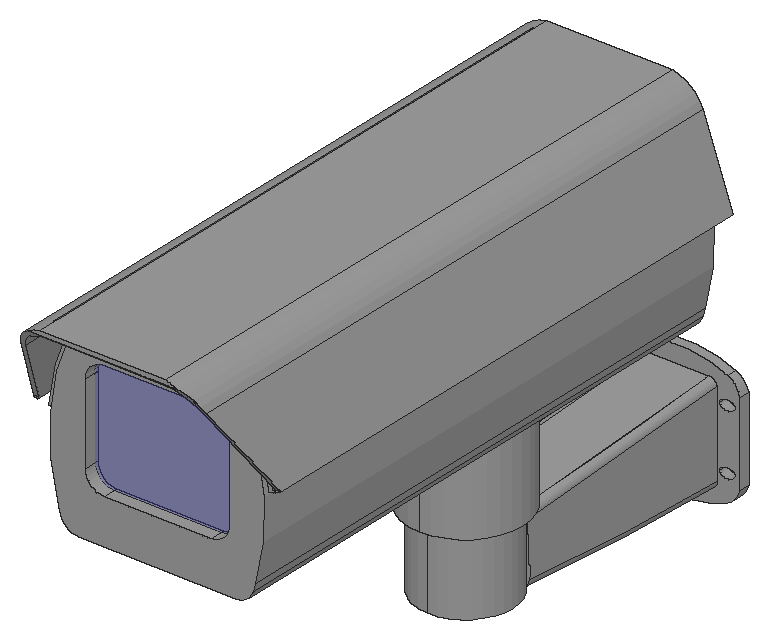
Revit family "SDP-857_RV17_LOD_400", category Электрооборудование, Revit 2017 (continued)
Definition of nested family "объектив 856_RV17_1"
  Automatic sketch dimensions
    Extrusion 19 sketch curve to Extrusion 19 sketch curve = 1.026 mm
    Extrusion 19 sketch curve to Extrusion 19 sketch curve = 8.482 mm
    Extrusion 20 sketch curve to Extrusion 20 sketch curve = 43 mm
    Extrusion 20 sketch curve to Extrusion 20 sketch curve = 44 mm
    Extrusion 20 sketch curve to Extrusion 20 sketch curve = 68.054 mm
    Extrusion 24 sketch curve to Extrusion 24 sketch curve = 11.512 mm
    Extrusion 24 sketch curve to Extrusion 24 sketch curve = 1.411 mm
    Extrusion 24 sketch curve to Extrusion 24 sketch curve = 12 mm  (x2)
    Extrusion 24 sketch curve to Extrusion 24 sketch curve = 1.459 mm
    Extrusion 25 sketch curve to Extrusion 25 sketch curve = 3.45 mm
    Extrusion 25 sketch curve to Extrusion 25 sketch curve = 3.134 mm
    Extrusion 25 sketch curve to Extrusion 25 sketch curve = 0.074 mm
    Extrusion 25 sketch curve to Extrusion 25 sketch curve = 3.079 mm
    Extrusion 25 sketch curve to Extrusion 25 sketch curve = 0.025 mm
    Extrusion 25 sketch curve to Extrusion 25 sketch curve = 3.19 mm
    Extrusion 25 sketch curve to Extrusion 25 sketch curve = 12.648 mm
    Extrusion 25 sketch curve to Extrusion 25 sketch curve = 0.023 mm
    Extrusion 25 sketch curve to Extrusion 25 sketch curve = 0.323 mm
    Extrusion 25 sketch curve to Extrusion 25 sketch curve = 12.435 mm
    Extrusion 25 sketch curve to Extrusion 25 sketch curve = 0.409 mm
    Extrusion 25 sketch curve to Extrusion 25 sketch curve = 5.397 mm
    Extrusion 25 sketch curve to Extrusion 25 sketch curve = 2.883 mm  (x2)
    Extrusion 25 sketch curve to Extrusion 25 sketch curve = 15.807 mm
    Extrusion 26 sketch curve to Extrusion 26 sketch curve = 2.29 mm  (x2)
    Extrusion 26 sketch curve to Extrusion 26 sketch curve = 2.455 mm  (x2)
    Extrusion 27 sketch curve to Extrusion 27 sketch curve = 1.846 mm
    Extrusion 26 sketch curve to Extrusion 26 sketch curve = 2.217 mm  (x2)
    Extrusion 22 sketch curve to Extrusion 22 sketch curve = 0 mm  (x2)
    Extrusion 22 sketch curve to Extrusion 22 sketch curve = 12 mm  (x3)
    Extrusion 22 sketch curve to Extrusion 22 sketch curve = 68 mm
    Extrusion 22 sketch curve to Extrusion 22 sketch curve = 50 mm
    Extrusion 22 sketch curve to Extrusion 22 sketch curve = 0.962 mm
    Extrusion 23 sketch curve to Extrusion 23 sketch curve = 12 mm  (x3)
    Extrusion 23 sketch curve to Extrusion 23 sketch curve = 68 mm
    Extrusion 23 sketch curve to Extrusion 23 sketch curve = 0 mm
    Extrusion 23 sketch curve to Extrusion 23 sketch curve = 51 mm
    Extrusion 24 sketch curve to Extrusion 24 sketch curve = 10.722 mm
    Extrusion 24 sketch curve to Extrusion 24 sketch curve = 18.274 mm
    Extrusion 24 sketch curve to Extrusion 24 sketch curve = 11.249 mm
    Extrusion 24 sketch curve to Extrusion 24 sketch curve = 5.343 mm
    Extrusion 24 sketch curve to Extrusion 24 sketch curve = 11.313 mm
    Extrusion 24 sketch curve to Extrusion 24 sketch curve = 77 mm
    Extrusion 24 sketch curve to Extrusion 24 sketch curve = 11.239 mm
    Extrusion 24 sketch curve to Extrusion 24 sketch curve = 100 mm
    Extrusion 24 sketch curve to Extrusion 24 sketch curve = 5.417 mm
    Extrusion 24 sketch curve to Extrusion 24 sketch curve = 10.507 mm
    Extrusion 24 sketch curve to Extrusion 24 sketch curve = 7.822 mm
    Extrusion 24 sketch curve to Extrusion 24 sketch curve = 8.614 mm
    Extrusion 24 sketch curve to Extrusion 24 sketch curve = 4.864 mm
    Extrusion 24 sketch curve to Extrusion 24 sketch curve = 4.797 mm
    Extrusion 24 sketch curve to Extrusion 24 sketch curve = 40.11 mm
    Extrusion 24 sketch curve to Extrusion 24 sketch curve = 40.834 mm
    Extrusion 24 sketch curve to Extrusion 24 sketch curve = 6.426 mm
    Extrusion 25 sketch curve to Extrusion 25 sketch curve = 9.862 mm
    Extrusion 25 sketch curve to Extrusion 25 sketch curve = 15.418 mm
    Extrusion 25 sketch curve to Extrusion 25 sketch curve = 11.35 mm
    Extrusion 25 sketch curve to Extrusion 25 sketch curve = 0.21 mm
    Extrusion 25 sketch curve to Extrusion 25 sketch curve = 76.848 mm
    Extrusion 25 sketch curve to Extrusion 25 sketch curve = 11.237 mm
    Extrusion 25 sketch curve to Extrusion 25 sketch curve = 5.153 mm
    Extrusion 25 sketch curve to Extrusion 25 sketch curve = 13.016 mm
    Extrusion 25 sketch curve to Extrusion 25 sketch curve = 2.224 mm
    Extrusion 25 sketch curve to Extrusion 25 sketch curve = 54.844 mm
    Extrusion 25 sketch curve to Extrusion 25 sketch curve = 14.827 mm
    Extrusion 25 sketch curve to Extrusion 25 sketch curve = 7.067 mm
    Extrusion 25 sketch curve to Extrusion 25 sketch curve = 0.192 mm
    Extrusion 25 sketch curve to Extrusion 25 sketch curve = 6.896 mm
    Extrusion 25 sketch curve to Extrusion 25 sketch curve = 0.297 mm
    Extrusion 25 sketch curve to Extrusion 25 sketch curve = 6.038 mm
    Extrusion 25 sketch curve to Extrusion 25 sketch curve = 12.055 mm
    Extrusion 26 sketch curve to Extrusion 26 sketch curve = 2.819 mm  (x2)
    Extrusion 26 sketch curve to Extrusion 26 sketch curve = 19.341 mm
    Extrusion 26 sketch curve to Extrusion 26 sketch curve = 19.375 mm
    Extrusion 26 sketch curve to Extrusion 26 sketch curve = 0 mm  (x3)
    Extrusion 26 sketch curve to Extrusion 26 sketch curve = 4.001 mm  (x2)
    Extrusion 26 sketch curve to Extrusion 26 sketch curve = 67.565 mm
    Extrusion 26 sketch curve to Extrusion 26 sketch curve = 21.086 mm
    Extrusion 26 sketch curve to Extrusion 26 sketch curve = 18.811 mm
    Extrusion 26 sketch curve to Extrusion 26 sketch curve = 1.026 mm
    Extrusion 26 sketch curve to Extrusion 26 sketch curve = 8.482 mm
    Extrusion 27 sketch curve to Extrusion 27 sketch curve = 43 mm
    Extrusion 27 sketch curve to Extrusion 27 sketch curve = 44 mm
    Extrusion 27 sketch curve to Extrusion 27 sketch curve = 68.054 mm
    Extrusion 31 sketch curve to Extrusion 31 sketch curve = 11.512 mm
    Extrusion 31 sketch curve to Extrusion 31 sketch curve = 1.411 mm
    Extrusion 31 sketch curve to Extrusion 31 sketch curve = 12 mm  (x2)
    Extrusion 31 sketch curve to Extrusion 31 sketch curve = 1.459 mm
    Extrusion 32 sketch curve to Extrusion 32 sketch curve = 3.45 mm
    Extrusion 32 sketch curve to Extrusion 32 sketch curve = 3.134 mm
    Extrusion 32 sketch curve to Extrusion 32 sketch curve = 0.074 mm
    Extrusion 32 sketch curve to Extrusion 32 sketch curve = 3.079 mm
    Extrusion 32 sketch curve to Extrusion 32 sketch curve = 0.025 mm
    Extrusion 32 sketch curve to Extrusion 32 sketch curve = 3.19 mm
    Extrusion 32 sketch curve to Extrusion 32 sketch curve = 12.648 mm
    Extrusion 32 sketch curve to Extrusion 32 sketch curve = 0.023 mm
    Extrusion 32 sketch curve to Extrusion 32 sketch curve = 0.323 mm
    Extrusion 32 sketch curve to Extrusion 32 sketch curve = 12.435 mm
    Extrusion 32 sketch curve to Extrusion 32 sketch curve = 0.409 mm
    Extrusion 32 sketch curve to Extrusion 32 sketch curve = 5.397 mm
    Extrusion 32 sketch curve to Extrusion 32 sketch curve = 2.883 mm  (x2)
    Extrusion 32 sketch curve to Extrusion 32 sketch curve = 15.807 mm
    Extrusion 33 sketch curve to Extrusion 33 sketch curve = 2.29 mm  (x2)
    Extrusion 33 sketch curve to Extrusion 33 sketch curve = 2.455 mm  (x2)
    Extrusion 34 sketch curve to Extrusion 34 sketch curve = 1.846 mm
    Extrusion 33 sketch curve to Extrusion 33 sketch curve = 2.217 mm  (x2)
    Extrusion 29 sketch curve to Extrusion 29 sketch curve = 0 mm  (x2)
    Extrusion 29 sketch curve to Extrusion 29 sketch curve = 12 mm  (x3)
    Extrusion 29 sketch curve to Extrusion 29 sketch curve = 68 mm
    Extrusion 29 sketch curve to Extrusion 29 sketch curve = 50 mm
    Extrusion 29 sketch curve to Extrusion 29 sketch curve = 0.962 mm
    Extrusion 30 sketch curve to Extrusion 30 sketch curve = 12 mm  (x3)
    Extrusion 30 sketch curve to Extrusion 30 sketch curve = 68 mm
    Extrusion 30 sketch curve to Extrusion 30 sketch curve = 0 mm
    Extrusion 30 sketch curve to Extrusion 30 sketch curve = 51 mm
    Extrusion 31 sketch curve to Extrusion 31 sketch curve = 10.722 mm
    Extrusion 31 sketch curve to Extrusion 31 sketch curve = 18.274 mm
    Extrusion 31 sketch curve to Extrusion 31 sketch curve = 11.249 mm
    Extrusion 31 sketch curve to Extrusion 31 sketch curve = 5.343 mm
    Extrusion 31 sketch curve to Extrusion 31 sketch curve = 11.313 mm
    Extrusion 31 sketch curve to Extrusion 31 sketch curve = 77 mm
    Extrusion 31 sketch curve to Extrusion 31 sketch curve = 11.239 mm
    Extrusion 31 sketch curve to Extrusion 31 sketch curve = 100 mm
    Extrusion 31 sketch curve to Extrusion 31 sketch curve = 5.417 mm
    Extrusion 31 sketch curve to Extrusion 31 sketch curve = 10.507 mm
    Extrusion 31 sketch curve to Extrusion 31 sketch curve = 7.822 mm
    Extrusion 31 sketch curve to Extrusion 31 sketch curve = 8.614 mm
    Extrusion 31 sketch curve to Extrusion 31 sketch curve = 4.864 mm
    Extrusion 31 sketch curve to Extrusion 31 sketch curve = 4.797 mm
    Extrusion 31 sketch curve to Extrusion 31 sketch curve = 40.11 mm
    Extrusion 31 sketch curve to Extrusion 31 sketch curve = 40.834 mm
    Extrusion 31 sketch curve to Extrusion 31 sketch curve = 6.426 mm
    Extrusion 32 sketch curve to Extrusion 32 sketch curve = 9.862 mm
    Extrusion 32 sketch curve to Extrusion 32 sketch curve = 15.418 mm
    Extrusion 32 sketch curve to Extrusion 32 sketch curve = 11.35 mm
    Extrusion 32 sketch curve to Extrusion 32 sketch curve = 0.21 mm
    Extrusion 32 sketch curve to Extrusion 32 sketch curve = 76.848 mm
    Extrusion 32 sketch curve to Extrusion 32 sketch curve = 11.237 mm
    Extrusion 32 sketch curve to Extrusion 32 sketch curve = 5.153 mm
    Extrusion 32 sketch curve to Extrusion 32 sketch curve = 13.016 mm
    Extrusion 32 sketch curve to Extrusion 32 sketch curve = 2.224 mm
    Extrusion 32 sketch curve to Extrusion 32 sketch curve = 54.844 mm
    Extrusion 32 sketch curve to Extrusion 32 sketch curve = 14.827 mm
    Extrusion 32 sketch curve to Extrusion 32 sketch curve = 7.067 mm
    Extrusion 32 sketch curve to Extrusion 32 sketch curve = 0.192 mm
    Extrusion 32 sketch curve to Extrusion 32 sketch curve = 6.896 mm
    Extrusion 32 sketch curve to Extrusion 32 sketch curve = 0.297 mm
    Extrusion 32 sketch curve to Extrusion 32 sketch curve = 6.038 mm
    Extrusion 32 sketch curve to Extrusion 32 sketch curve = 12.055 mm
    Extrusion 33 sketch curve to Extrusion 33 sketch curve = 2.819 mm  (x2)
    Extrusion 33 sketch curve to Extrusion 33 sketch curve = 19.341 mm
    Extrusion 33 sketch curve to Extrusion 33 sketch curve = 19.375 mm
    Extrusion 33 sketch curve to Extrusion 33 sketch curve = 0 mm  (x3)
    Extrusion 33 sketch curve to Extrusion 33 sketch curve = 4.001 mm  (x2)
    Extrusion 33 sketch curve to Extrusion 33 sketch curve = 67.565 mm
    Extrusion 33 sketch curve to Extrusion 33 sketch curve = 21.086 mm
    Extrusion 33 sketch curve to Extrusion 33 sketch curve = 18.811 mm
    Extrusion 33 sketch curve to Extrusion 33 sketch curve = 1.026 mm
    Extrusion 33 sketch curve to Extrusion 33 sketch curve = 8.482 mm
    Extrusion 34 sketch curve to Extrusion 34 sketch curve = 43 mm
    Extrusion 34 sketch curve to Extrusion 34 sketch curve = 44 mm
    Extrusion 34 sketch curve to Extrusion 34 sketch curve = 68.054 mm
    Extrusion 37 sketch curve to Extrusion 37 sketch curve = 11.512 mm
    Extrusion 37 sketch curve to Extrusion 37 sketch curve = 1.411 mm
    Extrusion 37 sketch curve to Extrusion 37 sketch curve = 12 mm  (x2)
    Extrusion 37 sketch curve to Extrusion 37 sketch curve = 1.459 mm
    Extrusion 38 sketch curve to Extrusion 38 sketch curve = 3.45 mm
    Extrusion 38 sketch curve to Extrusion 38 sketch curve = 3.134 mm
    Extrusion 38 sketch curve to Extrusion 38 sketch curve = 0.074 mm
    Extrusion 38 sketch curve to Extrusion 38 sketch curve = 3.079 mm
    Extrusion 38 sketch curve to Extrusion 38 sketch curve = 0.025 mm
    Extrusion 38 sketch curve to Extrusion 38 sketch curve = 3.19 mm
    Extrusion 38 sketch curve to Extrusion 38 sketch curve = 12.648 mm
    Extrusion 38 sketch curve to Extrusion 38 sketch curve = 0.023 mm
    Extrusion 38 sketch curve to Extrusion 38 sketch curve = 0.323 mm
    Extrusion 38 sketch curve to Extrusion 38 sketch curve = 12.435 mm
    Extrusion 38 sketch curve to Extrusion 38 sketch curve = 0.409 mm
    Extrusion 38 sketch curve to Extrusion 38 sketch curve = 5.397 mm
    Extrusion 38 sketch curve to Extrusion 38 sketch curve = 2.883 mm  (x2)
    Extrusion 38 sketch curve to Extrusion 38 sketch curve = 15.807 mm
    Extrusion 39 sketch curve to Extrusion 39 sketch curve = 2.29 mm  (x2)
    Extrusion 39 sketch curve to Extrusion 39 sketch curve = 2.455 mm  (x2)
    Extrusion 40 sketch curve to Extrusion 40 sketch curve = 1.846 mm
    Extrusion 39 sketch curve to Extrusion 39 sketch curve = 2.217 mm  (x2)
    Extrusion 35 sketch curve to Extrusion 35 sketch curve = 0 mm  (x2)
    Extrusion 35 sketch curve to Extrusion 35 sketch curve = 12 mm  (x3)
    Extrusion 35 sketch curve to Extrusion 35 sketch curve = 68 mm
    Extrusion 35 sketch curve to Extrusion 35 sketch curve = 50 mm
    Extrusion 35 sketch curve to Extrusion 35 sketch curve = 0.962 mm
    Extrusion 36 sketch curve to Extrusion 36 sketch curve = 12 mm  (x3)
    Extrusion 36 sketch curve to Extrusion 36 sketch curve = 68 mm
    Extrusion 36 sketch curve to Extrusion 36 sketch curve = 0 mm
    Extrusion 36 sketch curve to Extrusion 36 sketch curve = 51 mm
    Extrusion 37 sketch curve to Extrusion 37 sketch curve = 10.722 mm
    Extrusion 37 sketch curve to Extrusion 37 sketch curve = 18.274 mm
    Extrusion 37 sketch curve to Extrusion 37 sketch curve = 11.249 mm
    Extrusion 37 sketch curve to Extrusion 37 sketch curve = 5.343 mm
    Extrusion 37 sketch curve to Extrusion 37 sketch curve = 11.313 mm
    Extrusion 37 sketch curve to Extrusion 37 sketch curve = 77 mm
    Extrusion 37 sketch curve to Extrusion 37 sketch curve = 11.239 mm
    Extrusion 37 sketch curve to Extrusion 37 sketch curve = 100 mm
    Extrusion 37 sketch curve to Extrusion 37 sketch curve = 5.417 mm
    Extrusion 37 sketch curve to Extrusion 37 sketch curve = 10.507 mm
    Extrusion 37 sketch curve to Extrusion 37 sketch curve = 7.822 mm
    Extrusion 37 sketch curve to Extrusion 37 sketch curve = 8.614 mm
    Extrusion 37 sketch curve to Extrusion 37 sketch curve = 4.864 mm
    Extrusion 37 sketch curve to Extrusion 37 sketch curve = 4.797 mm
    Extrusion 37 sketch curve to Extrusion 37 sketch curve = 40.11 mm
    Extrusion 37 sketch curve to Extrusion 37 sketch curve = 40.834 mm
    Extrusion 37 sketch curve to Extrusion 37 sketch curve = 6.426 mm
    Extrusion 38 sketch curve to Extrusion 38 sketch curve = 9.862 mm
    Extrusion 38 sketch curve to Extrusion 38 sketch curve = 15.418 mm
    Extrusion 38 sketch curve to Extrusion 38 sketch curve = 11.35 mm
    Extrusion 38 sketch curve to Extrusion 38 sketch curve = 0.21 mm
    Extrusion 38 sketch curve to Extrusion 38 sketch curve = 76.848 mm
    Extrusion 38 sketch curve to Extrusion 38 sketch curve = 11.237 mm
    Extrusion 38 sketch curve to Extrusion 38 sketch curve = 5.153 mm
    Extrusion 38 sketch curve to Extrusion 38 sketch curve = 13.016 mm
    Extrusion 38 sketch curve to Extrusion 38 sketch curve = 2.224 mm
    Extrusion 38 sketch curve to Extrusion 38 sketch curve = 54.844 mm
    Extrusion 38 sketch curve to Extrusion 38 sketch curve = 14.827 mm
    Extrusion 38 sketch curve to Extrusion 38 sketch curve = 7.067 mm
    Extrusion 38 sketch curve to Extrusion 38 sketch curve = 0.192 mm
    Extrusion 38 sketch curve to Extrusion 38 sketch curve = 6.896 mm
    Extrusion 38 sketch curve to Extrusion 38 sketch curve = 0.297 mm
    Extrusion 38 sketch curve to Extrusion 38 sketch curve = 6.038 mm
    Extrusion 38 sketch curve to Extrusion 38 sketch curve = 12.055 mm
    Extrusion 39 sketch curve to Extrusion 39 sketch curve = 2.819 mm  (x2)
    Extrusion 39 sketch curve to Extrusion 39 sketch curve = 19.341 mm
    Extrusion 39 sketch curve to Extrusion 39 sketch curve = 19.375 mm
    Extrusion 39 sketch curve to Extrusion 39 sketch curve = 0 mm  (x3)
    Extrusion 39 sketch curve to Extrusion 39 sketch curve = 4.001 mm  (x2)
    Extrusion 39 sketch curve to Extrusion 39 sketch curve = 67.565 mm
    Extrusion 39 sketch curve to Extrusion 39 sketch curve = 21.086 mm
    Extrusion 39 sketch curve to Extrusion 39 sketch curve = 18.811 mm
    Extrusion 39 sketch curve to Extrusion 39 sketch curve = 1.026 mm
    Extrusion 39 sketch curve to Extrusion 39 sketch curve = 8.482 mm
    Extrusion 40 sketch curve to Extrusion 40 sketch curve = 43 mm
    Extrusion 40 sketch curve to Extrusion 40 sketch curve = 44 mm
    Extrusion 40 sketch curve to Extrusion 40 sketch curve = 68.054 mm
    Extrusion 43 sketch curve to Extrusion 43 sketch curve = 11.512 mm
    Extrusion 43 sketch curve to Extrusion 43 sketch curve = 1.411 mm
    Extrusion 43 sketch curve to Extrusion 43 sketch curve = 12 mm  (x2)
    Extrusion 43 sketch curve to Extrusion 43 sketch curve = 1.459 mm
    Extrusion 44 sketch curve to Extrusion 44 sketch curve = 3.45 mm
    Extrusion 44 sketch curve to Extrusion 44 sketch curve = 3.134 mm
    Extrusion 44 sketch curve to Extrusion 44 sketch curve = 0.074 mm
    Extrusion 44 sketch curve to Extrusion 44 sketch curve = 3.079 mm
    Extrusion 44 sketch curve to Extrusion 44 sketch curve = 0.025 mm
    Extrusion 44 sketch curve to Extrusion 44 sketch curve = 3.19 mm
    Extrusion 44 sketch curve to Extrusion 44 sketch curve = 12.648 mm
    Extrusion 44 sketch curve to Extrusion 44 sketch curve = 0.023 mm
    Extrusion 44 sketch curve to Extrusion 44 sketch curve = 0.323 mm
    Extrusion 44 sketch curve to Extrusion 44 sketch curve = 12.435 mm
    Extrusion 44 sketch curve to Extrusion 44 sketch curve = 0.409 mm
    Extrusion 44 sketch curve to Extrusion 44 sketch curve = 5.397 mm
    Extrusion 44 sketch curve to Extrusion 44 sketch curve = 2.883 mm  (x2)
    Extrusion 44 sketch curve to Extrusion 44 sketch curve = 15.807 mm
    Extrusion 45 sketch curve to Extrusion 45 sketch curve = 2.29 mm  (x2)
    Extrusion 45 sketch curve to Extrusion 45 sketch curve = 2.455 mm  (x2)
    Extrusion 46 sketch curve to Extrusion 46 sketch curve = 1.846 mm
    Extrusion 45 sketch curve to Extrusion 45 sketch curve = 2.217 mm  (x2)
    Extrusion 41 sketch curve to Extrusion 41 sketch curve = 0 mm  (x2)
    Extrusion 41 sketch curve to Extrusion 41 sketch curve = 12 mm  (x3)
    Extrusion 41 sketch curve to Extrusion 41 sketch curve = 68 mm
    Extrusion 41 sketch curve to Extrusion 41 sketch curve = 50 mm
    Extrusion 41 sketch curve to Extrusion 41 sketch curve = 0.962 mm
    Extrusion 42 sketch curve to Extrusion 42 sketch curve = 12 mm  (x3)
    Extrusion 42 sketch curve to Extrusion 42 sketch curve = 68 mm
    Extrusion 42 sketch curve to Extrusion 42 sketch curve = 0 mm
    Extrusion 42 sketch curve to Extrusion 42 sketch curve = 51 mm
    Extrusion 43 sketch curve to Extrusion 43 sketch curve = 10.722 mm
    Extrusion 43 sketch curve to Extrusion 43 sketch curve = 18.274 mm
    Extrusion 43 sketch curve to Extrusion 43 sketch curve = 11.249 mm
    Extrusion 43 sketch curve to Extrusion 43 sketch curve = 5.343 mm
    Extrusion 43 sketch curve to Extrusion 43 sketch curve = 11.313 mm
    Extrusion 43 sketch curve to Extrusion 43 sketch curve = 77 mm
    Extrusion 43 sketch curve to Extrusion 43 sketch curve = 11.239 mm
    Extrusion 43 sketch curve to Extrusion 43 sketch curve = 100 mm
    Extrusion 43 sketch curve to Extrusion 43 sketch curve = 5.417 mm
    Extrusion 43 sketch curve to Extrusion 43 sketch curve = 10.507 mm
    Extrusion 43 sketch curve to Extrusion 43 sketch curve = 7.822 mm
    Extrusion 43 sketch curve to Extrusion 43 sketch curve = 8.614 mm
    Extrusion 43 sketch curve to Extrusion 43 sketch curve = 4.864 mm
    Extrusion 43 sketch curve to Extrusion 43 sketch curve = 4.797 mm
    Extrusion 43 sketch curve to Extrusion 43 sketch curve = 40.11 mm
    Extrusion 43 sketch curve to Extrusion 43 sketch curve = 40.834 mm
    Extrusion 43 sketch curve to Extrusion 43 sketch curve = 6.426 mm
    Extrusion 44 sketch curve to Extrusion 44 sketch curve = 9.862 mm
    Extrusion 44 sketch curve to Extrusion 44 sketch curve = 15.418 mm
    Extrusion 44 sketch curve to Extrusion 44 sketch curve = 11.35 mm
    Extrusion 44 sketch curve to Extrusion 44 sketch curve = 0.21 mm
    Extrusion 44 sketch curve to Extrusion 44 sketch curve = 76.848 mm
    Extrusion 44 sketch curve to Extrusion 44 sketch curve = 11.237 mm
    Extrusion 44 sketch curve to Extrusion 44 sketch curve = 5.153 mm
    Extrusion 44 sketch curve to Extrusion 44 sketch curve = 13.016 mm
    Extrusion 44 sketch curve to Extrusion 44 sketch curve = 2.224 mm
    Extrusion 44 sketch curve to Extrusion 44 sketch curve = 54.844 mm
    Extrusion 44 sketch curve to Extrusion 44 sketch curve = 14.827 mm
    Extrusion 44 sketch curve to Extrusion 44 sketch curve = 7.067 mm
    Extrusion 44 sketch curve to Extrusion 44 sketch curve = 0.192 mm
    Extrusion 44 sketch curve to Extrusion 44 sketch curve = 6.896 mm
    Extrusion 44 sketch curve to Extrusion 44 sketch curve = 0.297 mm
    Extrusion 44 sketch curve to Extrusion 44 sketch curve = 6.038 mm
    Extrusion 44 sketch curve to Extrusion 44 sketch curve = 12.055 mm
    Extrusion 45 sketch curve to Extrusion 45 sketch curve = 2.819 mm  (x2)
    Extrusion 45 sketch curve to Extrusion 45 sketch curve = 19.341 mm
    Extrusion 45 sketch curve to Extrusion 45 sketch curve = 19.375 mm
    Extrusion 45 sketch curve to Extrusion 45 sketch curve = 0 mm  (x3)
    Extrusion 45 sketch curve to Extrusion 45 sketch curve = 4.001 mm  (x2)
    Extrusion 45 sketch curve to Extrusion 45 sketch curve = 67.565 mm
    Extrusion 45 sketch curve to Extrusion 45 sketch curve = 21.086 mm
    Extrusion 45 sketch curve to Extrusion 45 sketch curve = 18.811 mm
    Extrusion 45 sketch curve to Extrusion 45 sketch curve = 1.026 mm
    Extrusion 45 sketch curve to Extrusion 45 sketch curve = 8.482 mm
    Extrusion 46 sketch curve to Extrusion 46 sketch curve = 43 mm
    Extrusion 46 sketch curve to Extrusion 46 sketch curve = 44 mm
    Extrusion 46 sketch curve to Extrusion 46 sketch curve = 68.054 mm
    radius of Extrusion 14 sketch curve = 35 mm
    radius of Extrusion 21 sketch curve = 35 mm
    radius of Extrusion 28 sketch curve = 35 mm
Definition of nested family "УГО_камера"
  Reference planes
    plane 1: y = 0
    plane 2: x = 0
  Lines and regions (mm)
    detail lines
      curve 1: line (4, -1.181, 0) -> (-3.962, -1.181, 0)
      curve 2: line (4, -16.181, 0) -> (4, -1.181, 0)
      curve 3: line (-3.962, -16.181, 0) -> (4, -16.181, 0)
      curve 4: line (-3.962, -1.181, 0) -> (-3.962, -16.181, 0)
      curve 5: line (0.019, -16.181, 0) -> (4.079, -20.241, 0)
      curve 6: line (4.079, -20.241, 0) -> (-3.962, -20.241, 0)
      curve 7: line (-3.962, -20.241, 0) -> (0.098, -16.181, 0)
      curve 8: line (-5, 0, 0) -> (5, 0, 0)
      curve 9: line (5, 0, 0) -> (5, -16.181, 0)
      curve 10: line (-5, 0, 0) -> (-5, -16.181, 0)
    detail lines, not visible
      curve 11: line (4, -1.181, 0) -> (-3.962, -1.181, 0)
      curve 12: line (4, -16.181, 0) -> (4, -1.181, 0)
      curve 13: line (-3.962, -16.181, 0) -> (4, -16.181, 0)
      curve 14: line (-3.962, -1.181, 0) -> (-3.962, -16.181, 0)
      curve 15: line (0.019, -16.181, 0) -> (4.079, -20.241, 0)
      curve 16: line (4.079, -20.241, 0) -> (-3.962, -20.241, 0)
      curve 17: line (-3.962, -20.241, 0) -> (0.098, -16.181, 0)
      curve 18: line (-5, 0, 0) -> (5, 0, 0)
      curve 19: line (5, 0, 0) -> (5, -16.181, 0)
      curve 20: line (-5, 0, 0) -> (-5, -16.181, 0)
